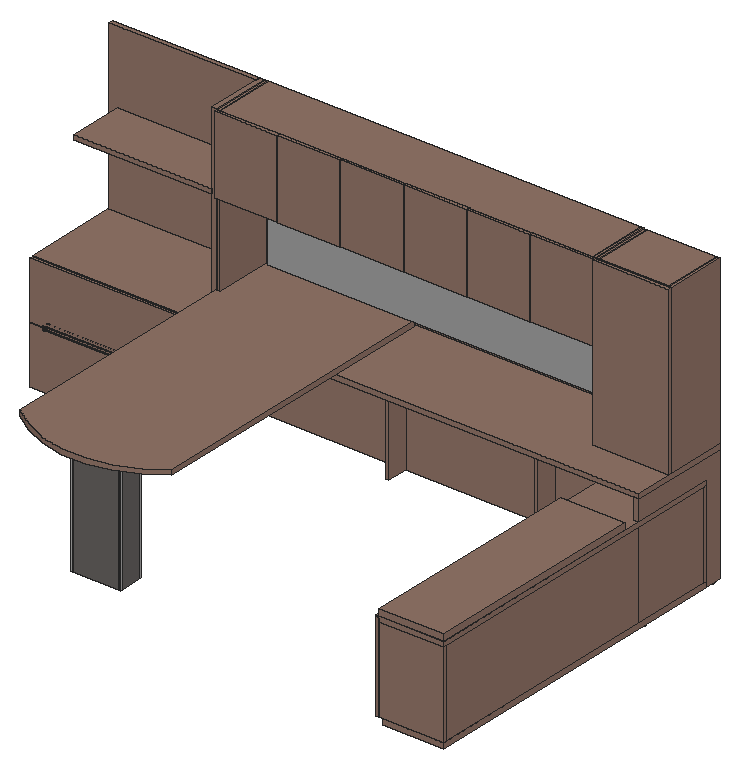
Revit family "OFS TYPICAL T100009", category Furniture, Revit 2022 (continued)
Definition of nested family "OFS SLATE LOW HEIGHT CREDENZA"
  Definition of nested family "OFS_Slate Private Office_Credenza"
    Forms (in)
      Extrusion 1, solid, material <- "Case"
        sketch origin (24.125, -15.25, 47.24409) x (0, -1, 0) y (0, 0, 1)
          loop
            line (-14.5, -25.23159) -> (-14.5, -44.79409) -> (0, -44.79409) -> (0, -25.23159) -> (-14.5, -25.23159)
        from -0.375 to 0.375
      Extrusion 2, solid, material <- "Panel"
        sketch origin (24.125, -15.25, 47.24409) x (0, -1, 0) y (0, 0, 1)
          loop
            line (-14.5, -25.23159) -> (-14.5, -44.79409) -> (0, -44.79409) -> (0, -25.23159) -> (-14.5, -25.23159)
        from -0.375 to 0.375
      Revolve 3, solid, material <- "Glides"
        sketch origin (1.0178, -1.37544, 47.24409) x (-1, 0, 0) y (0, 0, 1)
          loop
            line (-0.3731, -46.79409) -> (-0.3731, -47.24409) -> (-0.1231, -47.24409)
            arc (-0.1231, -47.24409) -> (0.0046, -47.13447) -> (-0.08442, -46.99165) r 0.12918
            line (-0.08442, -46.99165) -> (-0.1231, -46.99165) -> (-0.1231, -46.79409) -> (-0.3731, -46.79409)
          axis (-0.3731, -47.24409) -> (-0.3731, -46.79409)
        angle from 0 to 360
      Revolve 4, solid, material <- "Glides"
        sketch origin (94.9822, -1.37544, 47.24409) x (1, 0, 0) y (0, 0, -1)
          loop
            line (-18.3731, 46.79409) -> (-18.1231, 46.79409) -> (-18.1231, 46.99165) -> (-18.08442, 46.99165)
            arc (-18.08442, 46.99165) -> (-17.9954, 47.13447) -> (-18.1231, 47.24409) r 0.12918
            line (-18.1231, 47.24409) -> (-18.3731, 47.24409) -> (-18.3731, 46.79409)
          axis (-18.3731, 47.24409) -> (-18.3731, 46.79409)
        angle from 0 to 360
      Revolve 5, solid, material <- "Glides"
        sketch origin (1.0178, -12.99956, 47.24409) x (-1, 0, 0) y (0, 0, -1)
          loop
            line (-0.3731, 46.79409) -> (-0.1231, 46.79409) -> (-0.1231, 46.99165) -> (-0.08442, 46.99165)
            arc (-0.08442, 46.99165) -> (0.0046, 47.13447) -> (-0.1231, 47.24409) r 0.12918
            line (-0.1231, 47.24409) -> (-0.3731, 47.24409) -> (-0.3731, 46.79409)
          axis (-0.3731, 47.24409) -> (-0.3731, 46.79409)
        angle from 0 to 360
      Revolve 6, solid, material <- "Glides"
        sketch origin (94.9822, -12.99956, 47.24409) x (1, 0, 0) y (0, 0, 1)
          loop
            line (-18.3731, -46.79409) -> (-18.3731, -47.24409) -> (-18.1231, -47.24409)
            arc (-18.1231, -47.24409) -> (-17.9954, -47.13447) -> (-18.08442, -46.99165) r 0.12918
            line (-18.08442, -46.99165) -> (-18.1231, -46.99165) -> (-18.1231, -46.79409) -> (-18.3731, -46.79409)
          axis (-18.3731, -47.24409) -> (-18.3731, -46.79409)
        angle from 0 to 360
      Extrusion 7, solid, material <- "Top"
        sketch origin (0, 0, 0) x (0, 1, 0) y (0, 0, 1)
          loop
            line (0, 23.2) -> (-15.25, 23.2) -> (-15.25, 22.0125) -> (0, 22.0125) -> (0, 23.2)
        from 0 to 78
      Extrusion 8, solid, material <- "Case"
        sketch origin (0, 0, 0) x (1, 0, 0) y (0, 1, 0)
          loop
            line (0, 0) -> (0, -15.25) -> (0.75, -15.25) -> (0.75, 0) -> (0, 0)
          loop
            line (77.25, 0) -> (77.25, -15.25) -> (78, -15.25) -> (78, 0) -> (77.25, 0)
        from 1.7 to 22.0125
      Extrusion 9, solid, material <- "Case"
        sketch origin (0, 0, 0) x (0, 1, 0) y (0, 0, 1)
          loop
            line (-0.75, 1.7) -> (0, 1.7) -> (0, 22.0125) -> (-0.75, 22.0125) -> (-0.75, 1.7)
        from 0.75 to 77.25
      Extrusion 10, solid, material <- "Shelfs"
        sketch origin (0, 0, 0) x (0, 1, 0) y (0, 0, 1)
          loop
            line (-0.75, 12.60625) -> (-15.25, 12.60625) -> (-15.25, 11.85625) -> (-0.75, 11.85625) -> (-0.75, 12.60625)
        from 0.75 to 23.75
      Extrusion 11, solid, material <- "Case"
        sketch origin (0, 0, 0) x (1, 0, 0) y (0, 1, 0)
          loop
            line (0.75, -0.75) -> (0.75, -2.25) -> (2.25, -2.25) -> (2.25, -0.75) -> (0.75, -0.75)
          loop
            line (0.75, -12.125) -> (0.75, -13.625) -> (2.25, -13.625) -> (2.25, -12.125) -> (0.75, -12.125)
          loop
            line (77.25, -0.75) -> (75.75, -0.75) -> (75.75, -2.25) -> (77.25, -2.25) -> (77.25, -0.75)
          loop
            line (77.25, -12.125) -> (75.75, -12.125) -> (75.75, -13.625) -> (77.25, -13.625) -> (77.25, -12.125)
        from 0.45 to 1.7
      Sweep 12, solid, material <- "Case"
        path origin (0, 0, 0) x (1, 0, 0) y (0, 1, 0)
          loop
            line (0, 0) -> (0, -14.375) -> (78, -14.375) -> (78, 0) -> (0, 0)
        profile origin (39, 0, 0) x (0, 1, 0) y (0, 0, 1)
          loop
            line (0, 1.7) -> (-0.75, 1.7) -> (-0.75, 0.45) -> (0, 0.45) -> (0, 1.7)
      Extrusion 13, solid, material <- "Base"
        sketch origin (0.75, 4.23653, 47.24409) x (0, 1, 0) y (0, 0, 1)
          loop
            line (-4.98653, -44.79409) -> (-19.48653, -44.79409) -> (-19.48653, -45.54409) -> (-4.98653, -45.54409) -> (-4.98653, -44.79409)
        from 0 to 76.5
      Extrusion 14, solid, material <- "Drawers"
        sketch origin (24.125, -15.25, 47.24409) x (0, -1, 0) y (0, 0, 1)
          loop
            line (0.83661, -45.5441) -> (0.83661, -24.10659) -> (0.57662, -24.10659)
            arc (0.57662, -24.10659) -> (0.52878, -24.11611) -> (0.48822, -24.1432) r 0.125
            line (0.48822, -24.1432) -> (0.08661, -24.54482) -> (0.08661, -45.5441) -> (0.83661, -45.5441)
        from -0.0625 to -53.8125
      Extrusion 15, void
        sketch origin (0, -60, 0.45) x (-1, 0, 0) y (0, -1, 0)
          loop
            line (-42.0625, -44.66339) -> (-42.0625, -43.91339) -> (-42.125, -43.91339) -> (-42.125, -44.66339) -> (-42.0625, -44.66339)
          loop
            line (-24, -44.66339) -> (-24, -43.91339) -> (-24.125, -43.91339) -> (-24.125, -44.66339) -> (-24, -44.66339)
          loop
            line (-60, -44.66339) -> (-60, -43.91339) -> (-60.0625, -43.91339) -> (-60.0625, -44.66339) -> (-60, -44.66339)
        from -0.45 to 22.75
    Cuts and joins
      Extrusion 15 cuts Extrusion 14
      joined: Revolve 3, Revolve 4, Revolve 5, Revolve 6
    Lines and regions (in)
      Masking region 1
        outline origin (-55.85979, -60, 23.2) x (-1, 0, 0) y (0, -1, 0)
          loop
            line (-55.85979, -60) -> (-55.85979, -44.75) -> (-133.85979, -44.75) -> (-133.85979, -60) -> (-55.85979, -60)
          loop
            line (-80.04729, -44.66339) -> (-80.04729, -43.91339) -> (-133.79729, -43.91339) -> (-133.79729, -44.66339) -> (-80.04729, -44.66339)
      reference lines, visible <- "Left"
        curve 1: line (0, -19.41048, 0) -> (0, 4.23653, 0)
      reference lines, visible <- "Right"
        curve 2: line (78, -19.41532, 0) -> (78, 3.33468, 0)
    Dimensions and locks (in)
      plane 1 "Center (Front/Back)" to plane 8 to plane 17 to plane 13 to plane 18 to plane 10 to plane 11 to plane 9 to plane 14 to plane 15 = 0' - 0 3/4" locked, 0' - 0.62544" locked, 0' - 5.81206" locked, 0' - 5.81206" locked, 0' - 0.62544" locked, 0' - 0 3/4" locked, 0' - 0 7/8" locked, 0' - 0.08661" locked, 0' - 0 3/4" locked
      "Width": plane 3 "Center (Left/Right)" to plane 7
      plane 3 "Center (Left/Right)" to plane 4 to plane 12 = 0' - 0 3/4" locked, 1' - 11 3/8" locked
      plane 6 to plane 19 to plane 7 = 0' - 0 11/16" locked, 0' - 0 1/16" locked
      equal spacing: plane 3 "Center (Left/Right)", plane 5, plane 7
      "Length": plane 12 to plane 16
      plane 12 to Extrusion 15 sketch curve to Extrusion 15 sketch curve = 1' - 5 15/16" locked, 0' - 0 1/16" locked
      Extrusion 15 sketch curve to Extrusion 15 sketch curve to plane 7 = 0' - 0 1/16" locked, 1' - 5 15/16" locked
      aligned and locked: level to plane 2
      aligned and locked: Extrusion 7 to plane 7
      aligned and locked: Extrusion 8 sketch curve to Extrusion 7  (x6)
      aligned and locked: Extrusion 8 sketch curve to plane 4
      aligned and locked: plane 6 to Extrusion 8 sketch curve
      aligned and locked: Extrusion 9 to plane 4
      aligned and locked: plane 6 to Extrusion 9
      aligned and locked: Sweep 12 sketch curve to Extrusion 7  (x2)
      aligned and locked: plane 7 to Sweep 12 sketch curve
      aligned and locked: plane 6 to Extrusion 13
      aligned and locked: Extrusion 15 to level
      aligned and locked: plane 20 to cut or joined group of Extrusion 14, Extrusion 15
      aligned and locked: Extrusion 14 to plane 19
      aligned and locked: Masking region 1 sketch curve to Extrusion 7  (x4)
      aligned and locked: Masking region 1 sketch curve to cut or joined group of Extrusion 14, Extrusion 15  (x2)
      aligned and locked: Extrusion 10 to plane 4
      aligned and locked: curve 2 to plane 7
    Automatic sketch dimensions
      Extrusion 1 sketch curve to plane 8 = 0' - 0"
      Extrusion 1 sketch curve to plane 9 = 0' - 0"
      level to Extrusion 1 sketch curve = 0' - 2.45"
      Extrusion 1 sketch curve to Extrusion 1 sketch curve = 1' - 7 9/16"
      Extrusion 2 sketch curve to plane 8 = 0' - 0"
      Extrusion 2 sketch curve to plane 9 = 0' - 0"
      level to Extrusion 2 sketch curve = 0' - 2.45"
      Extrusion 2 sketch curve to Extrusion 2 sketch curve = 1' - 7 9/16"
      Revolve 3 sketch curve to level = 0' - 0"
      plane 4 to Revolve 3 sketch curve = 0' - 0.6409"
      Revolve 3 sketch curve to Revolve 3 sketch curve = 0' - 0 1/4"
      Revolve 3 sketch curve to Revolve 3 sketch curve = 0' - 0"  (x3)
      Revolve 3 sketch curve to Revolve 3 sketch curve = 0' - 0.03868"
      level to Revolve 3 sketch curve = 0' - 0.12918"
      Revolve 3 sketch curve to Revolve 3 sketch curve = 0' - 0.19756"
      Revolve 3 sketch curve to Revolve 3 sketch curve = 0' - 0.11444"
      Revolve 4 sketch curve to level = 0' - 0"
      Revolve 4 sketch curve to plane 6 = 0' - 0.6409"
      Revolve 4 sketch curve to Revolve 4 sketch curve = 0' - 0 1/4"
      Revolve 4 sketch curve to Revolve 4 sketch curve = 0' - 0"  (x3)
      Revolve 4 sketch curve to Revolve 4 sketch curve = 0' - 0.03868"
      level to Revolve 4 sketch curve = 0' - 0.12918"
      Revolve 4 sketch curve to Revolve 4 sketch curve = 0' - 0.19756"
      Revolve 4 sketch curve to Revolve 4 sketch curve = 0' - 0.11444"
      Revolve 5 sketch curve to level = 0' - 0"
      plane 4 to Revolve 5 sketch curve = 0' - 0.6409"
      Revolve 5 sketch curve to Revolve 5 sketch curve = 0' - 0 1/4"
      Revolve 5 sketch curve to Revolve 5 sketch curve = 0' - 0"  (x3)
      Revolve 5 sketch curve to Revolve 5 sketch curve = 0' - 0.03868"
      level to Revolve 5 sketch curve = 0' - 0.12918"
      Revolve 5 sketch curve to Revolve 5 sketch curve = 0' - 0.19756"
      Revolve 5 sketch curve to Revolve 5 sketch curve = 0' - 0.11444"
      Revolve 6 sketch curve to level = 0' - 0"
      Revolve 6 sketch curve to plane 6 = 0' - 0.6409"
      Revolve 6 sketch curve to Revolve 6 sketch curve = 0' - 0 1/4"
      Revolve 6 sketch curve to Revolve 6 sketch curve = 0' - 0"  (x3)
      Revolve 6 sketch curve to Revolve 6 sketch curve = 0' - 0.03868"
      level to Revolve 6 sketch curve = 0' - 0.12918"
      Revolve 6 sketch curve to Revolve 6 sketch curve = 0' - 0.19756"
      Revolve 6 sketch curve to Revolve 6 sketch curve = 0' - 0.11444"
      Extrusion 7 sketch curve to plane 9 = 0' - 0"
      Extrusion 7 sketch curve to plane 1 "Center (Front/Back)" = 0' - 0"
      level to Extrusion 7 sketch curve = 1' - 10.0125"
      Extrusion 7 sketch curve to Extrusion 7 sketch curve = 0' - 1 3/16"
      Extrusion 9 sketch curve to plane 8 = 0' - 0"
      Extrusion 9 sketch curve to plane 1 "Center (Front/Back)" = 0' - 0"
      level to Extrusion 9 sketch curve = 0' - 1.7"
      Extrusion 9 sketch curve to Extrusion 9 sketch curve = 1' - 8 5/16"
      Extrusion 10 sketch curve to plane 9 = 0' - 0"
      Extrusion 10 sketch curve to plane 8 = 0' - 0"
      level to Extrusion 10 sketch curve = 0' - 11.85625"
      Extrusion 10 sketch curve to Extrusion 10 sketch curve = 0' - 0 3/4"
      Extrusion 11 sketch curve to plane 4 = 0' - 0"  (x2)
      Extrusion 11 sketch curve to plane 8 = 0' - 0"
      Extrusion 11 sketch curve to plane 10 = 0' - 0"
      plane 10 to Extrusion 11 sketch curve = 0' - 0"
      plane 8 to Extrusion 11 sketch curve = 0' - 0"
      Extrusion 11 sketch curve to plane 6 = 0' - 0"  (x2)
      plane 4 to Extrusion 11 sketch curve = 0' - 1 1/2"
      Extrusion 11 sketch curve to Extrusion 11 sketch curve = 0' - 1 1/2"  (x3)
      plane 18 to Extrusion 11 sketch curve = 0' - 0.87456"  (x2)
      Extrusion 11 sketch curve to plane 17 = 0' - 0.87456"  (x2)
      Sweep 12 sketch curve to profile plane = 0' - 0"
      profile plane to Sweep 12 sketch curve = 0' - 0 3/4"
      level to Sweep 12 sketch curve = 0' - 0.45"
      Sweep 12 sketch curve to Sweep 12 sketch curve = 0' - 1 1/4"
      Extrusion 13 sketch curve to plane 9 = 0' - 0"
      Extrusion 13 sketch curve to plane 8 = 0' - 0"
      level to Extrusion 13 sketch curve = 0' - 1.7"
      Extrusion 13 sketch curve to Extrusion 13 sketch curve = 0' - 0 3/4"
      Extrusion 14 sketch curve to plane 14 = 0' - 0"
      Extrusion 14 sketch curve to plane 15 = 0' - 0"
      Extrusion 14 sketch curve to plane 15 = 0' - 0.26"
      level to Extrusion 14 sketch curve = 0' - 1.7"
      Extrusion 14 sketch curve to Extrusion 14 sketch curve = 0' - 0.08839"
      Extrusion 14 sketch curve to Extrusion 14 sketch curve = 0' - 0.03661"
      Extrusion 14 sketch curve to Extrusion 14 sketch curve = 1' - 8.99928"
      Extrusion 14 sketch curve to Extrusion 14 sketch curve = 0' - 0.31322"
      Extrusion 15 sketch curve to plane 14 = 0' - 0"  (x3)
      plane 15 to Extrusion 15 sketch curve = 0' - 0"  (x3)
      Extrusion 15 sketch curve to plane 16 = 0' - 0"
      Extrusion 15 sketch curve to Extrusion 15 sketch curve = 0' - 0 1/8"
      plane 11 to Sweep 12 sketch curve = 0' - 0"
      plane 15 to Masking region 1 sketch curve = 0' - 0"
      Masking region 1 sketch curve to plane 14 = 0' - 0"
      curve 1 to plane 3 "Center (Left/Right)" = 0' - 0"
      plane 15 to curve 2 = 0' - 3.32871"
      plane 15 to curve 1 = 0' - 3.32387"
      curve 2 to plane 1 "Center (Front/Back)" = 0' - 3.33468"
      curve 1 to plane 1 "Center (Front/Back)" = 0' - 4.23653"
  Definition of nested family "Tag"
    Parameters
      P_Width = 0' - 0"
      Text_Width = "Empty"
      Text_Height = "Empty"
      Text_Diameter = "Empty"
      Text_Depth = "Empty"
      Offset (LR) [instance] = 0' - 0"
      Model Name = "Type Catalog"
      P_Height = 0' - 0"
      Distance of Center (not Change) = 0' - 0.1"
      P_Diameter = 0' - 0"
      P_Depth = 0' - 0"
    Reference planes (in)
      plane 1: y = 0
      plane 2: x = 0
    Lines and regions (in)
      reference lines
        curve 1: line (-0.44359, 0.1, 0) -> (0.41085, 0.1, 0)
        curve 3: line (0, 0.42564, 0) -> (0, -0.30221, 0)
      reference lines, not visible
        curve 2: line (-0.44359, 0.09843, 0) -> (0.41085, 0.09843, 0)
        curve 4: line (0, 0.42407, 0) -> (0, -0.30379, 0)
    Text (in)
      label "Empty" at (0.00197, 0.0921, 0), shows "Model Name"
      label "Empty" at (0.00197, 0.09052, 0), shows "Model Name", not visible
    Dimensions and locks (in)
      "Distance of Center (not Change)": plane 1 to curve 1
      "Offset (LR)": curve 3 to plane 2
    Automatic sketch dimensions
      curve 1 to curve 3 = 0' - 0.44359"
      curve 3 to curve 1 = 0' - 0.41085"
      curve 3 to curve 1 = 0' - 0.40221"
      curve 1 to curve 3 = 0' - 0.32564"
      curve 2 to curve 4 = 0' - 0.44359"
      curve 4 to curve 2 = 0' - 0.41085"
      curve 4 to curve 2 = 0' - 0.40221"
      curve 2 to curve 4 = 0' - 0.32564"
Definition of nested family "OFS SLATE TACKBOARDS"
  Parameters (values of type "Tackboard 102W x 19D")
    Width = 8' - 6"
    URL = "http://www.ofs.com/"
    Model = "CA-10219HFT"
    Manufacturer = "CAROLINA"
    Height = 1' - 7"
    Elevation [instance] = 2' - 6 1/2"
    Description = "OFS SLATE Inside Back Panel, Fabric Tackboard, 98.50W x 19D x 0,5H, Slate Private Office"
    Default Elevation = 0' - 0"
    Copyright © = "© 2019 OFS"
    Catalog = "https://ofs.com/products/tables/conference/slate"
    Board [instance] = none
    Authoring Version = "Autodesk Revit Architecture 2014"
    Assembly Code = "E2020200"
    2 Piece = Width > 8' 0"  # yes
    1 Piece = not([2 Piece])  # no
  Types (18): name | Width | Model | Height | Description | 2 Piece | 1 Piece
    Tackboard 108W x 25D | 9' - 0" | "CA-10825HFT" | 2' - 1" | "OFS SLATE Inside Back Panel, Fabric Tackboard, 104.50W x 25D x 0,5H, Slate Private Office" | yes | no
    Tackboard 102W x 25D | 8' - 6" | "CA-10225HFT" | 2' - 1" | "OFS SLATE Inside Back Panel, Fabric Tackboard, 98.50W x 25D x 0,5H, Slate Private Office" | yes | no
    Tackboard 96W x 25D | 8' - 0" | "CA-9625HFT" | 2' - 1" | "OFS SLATE Inside Back Panel, Fabric Tackboard, 92.50W x 25D x 0,5H, Slate Private Office" | no | yes
    Tackboard 90W x 25D | 7' - 6" | "CA-9025HFT" | 2' - 1" | "OFS SLATE Inside Back Panel, Fabric Tackboard, 86.50W x 25D x 0,5H, Slate Private Office" | no | yes
    Tackboard 84W x 25D | 7' - 0" | "CA-8425HFT" | 2' - 1" | "OFS SLATE Inside Back Panel, Fabric Tackboard, 80.50W x 25D x 0,5H, Slate Private Office" | no | yes
    Tackboard 78W x 25D | 6' - 6" | "CA-7825HFT" | 2' - 1" | "OFS SLATE Inside Back Panel, Fabric Tackboard, 74.50W x 25D x 0,5H, Slate Private Office" | no | yes
    Tackboard 72W x 25D | 6' - 0" | "CA-7225HFT" | 2' - 1" | "OFS SLATE Inside Back Panel, Fabric Tackboard, 68.50W x 25D x 0,5H, Slate Private Office" | no | yes
    Tackboard 66W x 25D | 5' - 6" | "CA-6625HFT" | 2' - 1" | "OFS SLATE Inside Back Panel, Fabric Tackboard, 62.50W x 25D x 0,5H, Slate Private Office" | no | yes
    Tackboard 60W x 25D | 5' - 0" | "CA-6025HFT" | 2' - 1" | "OFS SLATE Inside Back Panel, Fabric Tackboard, 56.50W x 25D x 0,5H, Slate Private Office" | no | yes
    Tackboard 108W x 19D | 9' - 0" | "CA-10819HFT" | 1' - 7" | "OFS SLATE Inside Back Panel, Fabric Tackboard, 104.50W x 19D x 0,5H, Slate Private Office" | yes | no
    Tackboard 102W x 19D | 8' - 6" | "CA-10219HFT" | 1' - 7" | "OFS SLATE Inside Back Panel, Fabric Tackboard, 98.50W x 19D x 0,5H, Slate Private Office" | yes | no
    Tackboard 96W x 19D | 8' - 0" | "CA-9619HFT" | 1' - 7" | "OFS SLATE Inside Back Panel, Fabric Tackboard, 92.50W x 19D x 0,5H, Slate Private Office" | no | yes
    Tackboard 90W x 19D | 7' - 6" | "CA-9019HFT" | 1' - 7" | "OFS SLATE Inside Back Panel, Fabric Tackboard, 86.50W x 19D x 0,5H, Slate Private Office" | no | yes
    Tackboard 84W x 19D | 7' - 0" | "CA-8419HFT" | 1' - 7" | "OFS SLATE Inside Back Panel, Fabric Tackboard, 80.50W x 19D x 0,5H, Slate Private Office" | no | yes
    Tackboard 78W x 19D | 6' - 6" | "CA-7819HFT" | 1' - 7" | "OFS SLATE Inside Back Panel, Fabric Tackboard, 74.50W x 19D x 0,5H, Slate Private Office" | no | yes
    Tackboard 72W x 19D | 6' - 0" | "CA-7219HFT" | 1' - 7" | "OFS SLATE Inside Back Panel, Fabric Tackboard, 68.50W x 19D x 0,5H, Slate Private Office" | no | yes
    Tackboard 66W x 19D | 5' - 6" | "CA-6619HFT" | 1' - 7" | "OFS SLATE Inside Back Panel, Fabric Tackboard, 62.50W x 19D x 0,5H, Slate Private Office" | no | yes
    Tackboard 60W x 19D | 5' - 0" | "CA-6019HFT" | 1' - 7" | "OFS SLATE Inside Back Panel, Fabric Tackboard, 56.50W x 19D x 0,5H, Slate Private Office" | no | yes
  Reference planes (in)
    plane 1 "Center (Front/Back)": y = 0
    plane 2: z = 0
    plane 3 "Center (Left/Right)": x = 0
    plane 4: x = 51
    plane 5: x = 1.8125
    plane 6: x = 100.1875
    plane 7: x = 102
    plane 8: z = 30.5
    plane 9: z = 49.5
  Forms (in)
    Extrusion 1, solid, material <- "Board", visible <- "1 Piece"
      sketch origin (1.8125, -1.1875, 47.24409) x (0, -1, 0) y (0, 0, 1)
        loop
          line (-0.4375, 2.25591) -> (-0.4375, -16.74409) -> (0, -16.74409) -> (0, 2.25591) -> (-0.4375, 2.25591)
      from 0 to -98.375
    Extrusion 2, solid, material <- "Board", visible <- "2 Piece"
      sketch origin (1.8125, -1.1875, 47.24409) x (0, -1, 0) y (0, 0, 1)
        loop
          line (-0.4375, 2.25591) -> (-0.4375, -16.74409) -> (0, -16.74409) -> (0, 2.25591) -> (-0.4375, 2.25591)
      from 0 to -49.1875
    Extrusion 3, solid, material <- "Board", visible <- "2 Piece"
      sketch origin (58.1875, -1.1875, 47.24409) x (0, -1, 0) y (0, 0, -1)
        loop
          line (-0.4375, -2.25591) -> (0, -2.25591) -> (0, 16.74409) -> (-0.4375, 16.74409) -> (-0.4375, -2.25591)
      from 42 to -7.1875
  Lines and regions (in)
    Masking region 1
      outline origin (71.16612, -60, 49.5) x (0, -1, 0) y (1, 0, 0)
        loop
          line (-59.25, -69.35362) -> (-58.8125, -69.35362) -> (-58.8125, 29.02138) -> (-59.25, 29.02138) -> (-59.25, -69.35362)
    symbolic lines, visible <- "2 Piece", detail levels medium+fine
      curve 1: line (51, -1.1875, 49.5) -> (51, -0.75, 49.5)
  Dimensions and locks (in)
    locked: plane 3 "Center (Left/Right)" to plane 5 at 1.8125
    locked: plane 6 to plane 7 at 1.8125
    "Width": plane 3 "Center (Left/Right)" to plane 7
    equal spacing: plane 5, plane 4, plane 6
    "Elevation": plane 8 to level
    "Height": plane 9 to plane 8
    aligned and locked: level to plane 2
    aligned and locked: plane 8 to Extrusion 1 sketch curve
    aligned and locked: plane 9 to Extrusion 1 sketch curve
    aligned and locked: plane 6 to Extrusion 1
    aligned and locked: Extrusion 2 sketch curve to Extrusion 1  (x2)
    aligned and locked: Extrusion 2 to plane 4
    aligned and locked: plane 4 to Extrusion 3
    aligned and locked: plane 6 to Extrusion 3
    aligned and locked: plane 9 to Extrusion 3 sketch curve
    aligned and locked: plane 8 to Extrusion 3 sketch curve
    aligned and locked: nested 1 to Extrusion 3
    aligned and locked: plane 4 to nested 1
    aligned and locked: Masking region 1 sketch curve to Extrusion 1  (x2)
    aligned and locked: plane 4 to curve 1
  Automatic sketch dimensions
    plane 1 "Center (Front/Back)" to Extrusion 1 sketch curve = 0' - 0 3/4"
    Extrusion 1 sketch curve to Extrusion 1 sketch curve = 0' - 0 7/16"
    plane 1 "Center (Front/Back)" to Extrusion 2 sketch curve = 0' - 0 3/4"
    Extrusion 2 sketch curve to Extrusion 2 sketch curve = 0' - 0 7/16"
    plane 1 "Center (Front/Back)" to Extrusion 3 sketch curve = 0' - 0 3/4"
    Extrusion 3 sketch curve to Extrusion 3 sketch curve = 0' - 0 7/16"
    plane 1 "Center (Front/Back)" to Masking region 1 sketch curve = 0' - 0 3/4"
    Masking region 1 sketch curve to Masking region 1 sketch curve = 0' - 0 7/16"
    plane 1 "Center (Front/Back)" to curve 1 = 0' - 0 3/4"
    plane 1 "Center (Front/Back)" to curve 1 = 0' - 1 3/16"
  Nested families (in)
    nested 1: "Tag" at (51, -1.1875, 0), type "Center", detail levels fine
      with Offset (LR) 0' - 0", Distance of Center (not Change) 0' - 0.11"
  Definition of nested family "Tag"
    Parameters
      P_Width = 0' - 0"
      Text_Width = "Empty"
      Text_Height = "Empty"
      Text_Diameter = "Empty"
      Text_Depth = "Empty"
      Offset (LR) [instance] = 0' - 0"
      Model Name = "Type Catalog"
      P_Height = 0' - 0"
      Distance of Center (not Change) = 0' - 0.1"
      P_Diameter = 0' - 0"
      P_Depth = 0' - 0"
    Reference planes (in)
      plane 1: y = 0
      plane 2: x = 0
    Lines and regions (in)
      reference lines
        curve 1: line (-0.44359, 0.1, 0) -> (0.41085, 0.1, 0)
        curve 3: line (0, 0.42564, 0) -> (0, -0.30221, 0)
      reference lines, not visible
        curve 2: line (-0.44359, 0.09843, 0) -> (0.41085, 0.09843, 0)
        curve 4: line (0, 0.42407, 0) -> (0, -0.30379, 0)
    Text (in)
      label "Empty" at (0.00197, 0.0921, 0), shows "Model Name"
      label "Empty" at (0.00197, 0.09052, 0), shows "Model Name", not visible
    Dimensions and locks (in)
      "Distance of Center (not Change)": plane 1 to curve 1
      "Offset (LR)": curve 3 to plane 2
    Automatic sketch dimensions
      curve 1 to curve 3 = 0' - 0.44359"
      curve 3 to curve 1 = 0' - 0.41085"
      curve 3 to curve 1 = 0' - 0.40221"
      curve 1 to curve 3 = 0' - 0.32564"
      curve 2 to curve 4 = 0' - 0.44359"
      curve 4 to curve 2 = 0' - 0.41085"
      curve 4 to curve 2 = 0' - 0.40221"
      curve 2 to curve 4 = 0' - 0.32564"
Definition of nested family "OFS SLATE HIGHBACK ORGANIZER"
  Parameters (values of type "Highback Organizer 4 Doors 60W x 40H - 1 High")
    Show Doors [instance] = yes
    Width = 5' - 0"
    URL = "http://www.ofs.com/"
    Top [instance] = none
    Default Elevation = 0' - 0"
    Base Panel [instance] = none
    Panel [instance] = none
    Model = "CA-6040HD19"
    Manufacturer = "CAROLINA"
    Length 2 = if(Width > 7' 0", Length 1, Width / 2)  # 2' - 6"
    Length 1 = if(Width > 7' 0", (Width / 3) / 2, 0' 0")  # 0' - 0"
    High = 1
    Height 1 = if(and(High = 1, Height = 3' 4"), 1' 7", if(and(High = 1.5, Height = 4' 4"), 2' 1", if(and(High = 2, Height = 4' 4"), 2' 7", 2' 1")))  # 1' - 7"
    Height = 3' - 4"
    Elevation [instance] = 2' - 5 1/4"
    Doors [instance] = none
    Description = "OFS SLATE Highback Organizer 4 Doors, 60W x 15D x 39.5H, Slate Private Office"
    Copyright © = "© 2019 OFS"
    Center Doors [instance] = and(Show Doors, Width > 7' 0")  # no
    Catalog = "https://ofs.com/products/tables/conference/slate"
    Base [instance] = none
    Back [instance] = none
    Authoring Version = "Autodesk Revit Architecture 2014"
    Assembly Code = "E2020200"
  Types (27): name | Width | Model | Length 2 | Length 1 | High | Height 1 | Height | Description | Center Doors
    Highback Organizer 6 Doors 108W x 52H - 2 High | 9' - 0" | "CA-10852HD31" | 1' - 6" | 1' - 6" | 2 | 2' - 7" | 4' - 4" | "OFS SLATE Highback Organizer 6 Doors, 108W x 15D x 51.5H, Slate Private Office" | yes
    Highback Organizer 6 Doors 102W x 52H - 2 High | 8' - 6" | "CA-10252HD31" | 1' - 5" | 1' - 5" | 2 | 2' - 7" | 4' - 4" | "OFS SLATE Highback Organizer 6 Doors, 102W x 15D x 51.5H, Slate Private Office" | yes
    Highback Organizer 6 Doors 96W x 52H - 2 High | 8' - 0" | "CA-9652HD31" | 1' - 4" | 1' - 4" | 2 | 2' - 7" | 4' - 4" | "OFS SLATE Highback Organizer 6 Doors, 96W x 15D x 51.5H, Slate Private Office" | yes
    Highback Organizer 6 Doors 90W x 52H - 2 High | 7' - 6" | "CA-9052HD31" | 1' - 3" | 1' - 3" | 2 | 2' - 7" | 4' - 4" | "OFS SLATE Highback Organizer 6 Doors, 90W x 15D x 51.5H, Slate Private Office" | yes
    Highback Organizer 4 Doors 84W x 52H - 2 High | 7' - 0" | "CA-8452HD31" | 3' - 6" | 0' - 0" | 2 | 2' - 7" | 4' - 4" | "OFS SLATE Highback Organizer 4 Doors, 84W x 15D x 51.5H, Slate Private Office" | no
    Highback Organizer 4 Doors 78W x 52H - 2 High | 6' - 6" | "CA-7852HD31" | 3' - 3" | 0' - 0" | 2 | 2' - 7" | 4' - 4" | "OFS SLATE Highback Organizer 4 Doors, 78W x 15D x 51.5H, Slate Private Office" | no
    Highback Organizer 4 Doors 72W x 52H - 2 High | 6' - 0" | "CA-7252HD31" | 3' - 0" | 0' - 0" | 2 | 2' - 7" | 4' - 4" | "OFS SLATE Highback Organizer 4 Doors, 72W x 15D x 51.5H, Slate Private Office" | no
    Highback Organizer 4 Doors 66W x 52H - 2 High | 5' - 6" | "CA-6652HD31" | 2' - 9" | 0' - 0" | 2 | 2' - 7" | 4' - 4" | "OFS SLATE Highback Organizer 4 Doors, 66W x 15D x 51.5H, Slate Private Office" | no
    Highback Organizer 4 Doors 60W x 52H - 2 High | 5' - 0" | "CA-6052HD31" | 2' - 6" | 0' - 0" | 2 | 2' - 7" | 4' - 4" | "OFS SLATE Highback Organizer 4 Doors, 60W x 15D x 51.5H, Slate Private Office" | no
    Highback Organizer 6 Doors 108W x 52H - 1.5 High | 9' - 0" | "CA-10852HD25" | 1' - 6" | 1' - 6" | 1.5 | 2' - 1" | 4' - 4" | "OFS SLATE Highback Organizer 6 Doors, 108W x 15D x 51.5H, Slate Private Office" | yes
    Highback Organizer 6 Doors 102W x 52H - 1.5 High | 8' - 6" | "CA-10252HD25" | 1' - 5" | 1' - 5" | 1.5 | 2' - 1" | 4' - 4" | "OFS SLATE Highback Organizer 6 Doors, 102W x 15D x 51.5H, Slate Private Office" | yes
    Highback Organizer 6 Doors 96W x 52H - 1.5 High | 8' - 0" | "CA-9652HD25" | 1' - 4" | 1' - 4" | 1.5 | 2' - 1" | 4' - 4" | "OFS SLATE Highback Organizer 6 Doors, 96W x 15D x 51.5H, Slate Private Office" | yes
    Highback Organizer 6 Doors 90W x 52H - 1.5 High | 7' - 6" | "CA-9052HD25" | 1' - 3" | 1' - 3" | 1.5 | 2' - 1" | 4' - 4" | "OFS SLATE Highback Organizer 6 Doors, 90W x 15D x 51.5H, Slate Private Office" | yes
    Highback Organizer 4 Doors 84W x 52H - 1.5 High | 7' - 0" | "CA-8452HD25" | 3' - 6" | 0' - 0" | 1.5 | 2' - 1" | 4' - 4" | "OFS SLATE Highback Organizer 4 Doors, 84W x 15D x 51.5H, Slate Private Office" | no
    Highback Organizer 4 Doors 78W x 52H - 1.5 High | 6' - 6" | "CA-7852HD25" | 3' - 3" | 0' - 0" | 1.5 | 2' - 1" | 4' - 4" | "OFS SLATE Highback Organizer 4 Doors, 78W x 15D x 51.5H, Slate Private Office" | no
    Highback Organizer 4 Doors 72W x 52H - 1.5 High | 6' - 0" | "CA-7252HD25" | 3' - 0" | 0' - 0" | 1.5 | 2' - 1" | 4' - 4" | "OFS SLATE Highback Organizer 4 Doors, 72W x 15D x 51.5H, Slate Private Office" | no
    Highback Organizer 4 Doors 66W x 52H - 1.5 High | 5' - 6" | "CA-6652HD25" | 2' - 9" | 0' - 0" | 1.5 | 2' - 1" | 4' - 4" | "OFS SLATE Highback Organizer 4 Doors, 66W x 15D x 51.5H, Slate Private Office" | no
    Highback Organizer 4 Doors 60W x 52H - 1.5 High | 5' - 0" | "CA-6052HD25" | 2' - 6" | 0' - 0" | 1.5 | 2' - 1" | 4' - 4" | "OFS SLATE Highback Organizer 4 Doors, 60W x 15D x 51.5H, Slate Private Office" | no
    Highback Organizer 6 Doors 108W x 40H - 1 High | 9' - 0" | "CA-10840HD19" | 1' - 6" | 1' - 6" | 1 | 1' - 7" | 3' - 4" | "OFS SLATE Highback Organizer 6 Doors, 108W x 15D x 39.5H, Slate Private Office" | yes
    Highback Organizer 6 Doors 102W x 40H - 1 High | 8' - 6" | "CA-10240HD19" | 1' - 5" | 1' - 5" | 1 | 1' - 7" | 3' - 4" | "OFS SLATE Highback Organizer 6 Doors, 102W x 15D x 39.5H, Slate Private Office" | yes
    Highback Organizer 6 Doors 96W x 40H - 1 High | 8' - 0" | "CA-9640HD19" | 1' - 4" | 1' - 4" | 1 | 1' - 7" | 3' - 4" | "OFS SLATE Highback Organizer 6 Doors, 96W x 15D x 39.5H, Slate Private Office" | yes
    Highback Organizer 6 Doors 90W x 40H - 1 High | 7' - 6" | "CA-9040HD19" | 1' - 3" | 1' - 3" | 1 | 1' - 7" | 3' - 4" | "OFS SLATE Highback Organizer 6 Doors, 90W x 15D x 39.5H, Slate Private Office" | yes
    Highback Organizer 4 Doors 84W x 40H - 1 High | 7' - 0" | "CA-8440HD19" | 3' - 6" | 0' - 0" | 1 | 1' - 7" | 3' - 4" | "OFS SLATE Highback Organizer 4 Doors, 84W x 15D x 39.5H, Slate Private Office" | no
    Highback Organizer 4 Doors 78W x 40H - 1 High | 6' - 6" | "CA-7840HD19" | 3' - 3" | 0' - 0" | 1 | 1' - 7" | 3' - 4" | "OFS SLATE Highback Organizer 4 Doors, 78W x 15D x 39.5H, Slate Private Office" | no
    Highback Organizer 4 Doors 72W x 40H - 1 High | 6' - 0" | "CA-7240HD19" | 3' - 0" | 0' - 0" | 1 | 1' - 7" | 3' - 4" | "OFS SLATE Highback Organizer 4 Doors, 72W x 15D x 39.5H, Slate Private Office" | no
    Highback Organizer 4 Doors 66W x 40H - 1 High | 5' - 6" | "CA-6640HD19" | 2' - 9" | 0' - 0" | 1 | 1' - 7" | 3' - 4" | "OFS SLATE Highback Organizer 4 Doors, 66W x 15D x 39.5H, Slate Private Office" | no
    Highback Organizer 4 Doors 60W x 40H - 1 High | 5' - 0" | "CA-6040HD19" | 2' - 6" | 0' - 0" | 1 | 1' - 7" | 3' - 4" | "OFS SLATE Highback Organizer 4 Doors, 60W x 15D x 39.5H, Slate Private Office" | no
  Reference planes (in)
    plane 1 "Center (Front/Back)": y = 0
    plane 2: z = 0
    plane 3 "Center (Left/Right)": x = 0
    plane 4: x = 60
    plane 5: y = -14.25
    plane 6: x = 30
    plane 7: z = 29.25
    plane 8: z = 68.75
    plane 9: z = 68
    plane 10: z = 51.4375
    plane 11: z = 50.25
    plane 12: z = 29.75
    plane 13: z = 69.25
    plane 14: x = 30
    plane 15: x = 30
    plane 16: x = 15
    plane 17: x = 45
  Forms (in)
    Extrusion 1, solid, material <- "Panel"
      sketch origin (30, -0.75, 47.24409) x (0, 1, 0) y (0, 0, 1)
        loop
          line (0, 20.7559) -> (-13.5, 20.7559) -> (-13.5, 4.19341) -> (0, 4.19341) -> (0, 20.7559)
      from -0.375 to 0.375
    Extrusion 2, solid, material <- "Panel"
      sketch origin (30, -0.75, 47.24409) x (0, 1, 0) y (0, 0, -1)
        loop
          line (0, -20.7559) -> (0, -4.19341) -> (-13.5, -4.19341) -> (-13.5, -20.7559) -> (0, -20.7559)
      from -0.375 to 0.375
    Extrusion 3, solid, material <- "Panel"
      sketch origin (0, 0, 0) x (1, 0, 0) y (0, 0, 1)
        loop
          line (0, 68.75) -> (0, 29.25) -> (0.75, 29.25) -> (0.75, 68.75) -> (0, 68.75)
        loop
          line (60, 68.75) -> (59.25, 68.75) -> (59.25, 29.25) -> (60, 29.25) -> (60, 68.75)
      from 0 to 14.25
    Extrusion 4, solid, material <- "Back"
      sketch origin (0.75, 0, 68.75) x (0, 0, -1) y (0, 1, 0)
        loop
          line (0.75, 0) -> (0.75, -0.75) -> (39, -0.75) -> (39, 0) -> (0.75, 0)
      from 0 to 58.5
    Extrusion 5, solid, material <- "Base Panel"
      sketch origin (0.75, 0, 68.75) x (0, 0, -1) y (0, 1, 0)
        loop
          line (17.3125, -0.75) -> (17.3125, -14.25) -> (18.5, -14.25) -> (18.5, -0.75) -> (17.3125, -0.75)
      from 0 to 58.5
    Extrusion 6, solid, material <- "Top"
      sketch origin (0.75, 0, 68.75) x (0, 0, -1) y (0, 1, 0)
        loop
          line (0, 0) -> (0, -14.25) -> (0.75, -14.25) -> (0.75, 0) -> (0, 0)
      from 0 to 58.5
    Extrusion 7, solid, material <- "Doors", visible <- "Show Doors"
      sketch origin (-3.76383, -14.25, 47.24409) x (-1, 0, 0) y (0, 0, 1)
        loop
          line (-3.88883, 21.5059) -> (-18.69883, 21.5059) -> (-18.69883, 3.00591) -> (-3.88883, 3.00591) -> (-3.88883, 21.5059)
        loop
          line (-63.63883, 21.5059) -> (-63.63883, 3.00591) -> (-48.82883, 3.00591) -> (-48.82883, 21.5059) -> (-63.63883, 21.5059)
      from 0 to -0.74845
    Extrusion 8, solid, material <- "Doors", visible <- "Show Doors"
      sketch origin (-3.76383, -14.25, 47.24409) x (-1, 0, 0) y (0, 0, 1)
        loop
          line (-33.63883, 21.5059) -> (-33.63883, 3.00591) -> (-18.82883, 3.00591) -> (-18.82883, 21.5059) -> (-33.63883, 21.5059)
        loop
          line (-33.88883, 21.5059) -> (-48.69883, 21.5059) -> (-48.69883, 3.00591) -> (-33.88883, 3.00591) -> (-33.88883, 21.5059)
      from 0 to -0.74845
    Extrusion 9, solid, material <- "Doors", visible <- "Center Doors"
      sketch origin (-3.76383, -14.25, 47.24409) x (-1, 0, 0) y (0, 0, 1)
        loop
          line (-33.69883, 21.5059) -> (-33.69883, 3.00591) -> (-3.76383, 3.00591) -> (-3.76383, 21.5059) -> (-33.69883, 21.5059)
        loop
          line (-33.82883, 21.5059) -> (-63.76383, 21.5059) -> (-63.76383, 3.00591) -> (-33.82883, 3.00591) -> (-33.82883, 21.5059)
      from 0 to -0.74845
  Lines and regions (in)
    Masking region 1
      outline origin (69.63251, -60, 68.75) x (0, -1, 0) y (1, 0, 0)
        loop
          line (-60, -69.63251) -> (-45.75, -69.63251) -> (-45.75, -9.63251) -> (-60, -9.63251) -> (-60, -69.63251)
  Dimensions and locks (in)
    "Width": plane 3 "Center (Left/Right)" to plane 4
    equal spacing: plane 3 "Center (Left/Right)", plane 6, plane 4
    plane 1 "Center (Front/Back)" to plane 5 = 1' - 2 1/4"
    "Height": plane 13 to plane 7
    plane 13 to plane 8 to plane 9 = 0' - 0 1/2" locked, 0' - 0 3/4" locked
    locked: plane 10 to plane 11 at 1.1875
    locked: plane 12 to plane 7 at 0.5
    "Height 1": plane 13 to plane 11
    "Length 1": plane 14 to plane 6
    "Elevation": plane 7 to level
    "Length 1": plane 15 to plane 6
    locked: Extrusion 3 sketch curve to plane 3 "Center (Left/Right)" at 0.75
    locked: plane 4 to Extrusion 3 sketch curve at 0.75
    locked: Extrusion 7 sketch curve to plane 3 "Center (Left/Right)" at 0.125
    locked: Extrusion 7 sketch curve to plane 16 at 0.065
    locked: Extrusion 7 sketch curve to plane 17 at 0.065
    locked: plane 4 to Extrusion 7 sketch curve at 0.125
    equal spacing: plane 3 "Center (Left/Right)", plane 16, plane 14
    equal spacing: plane 15, plane 17, plane 4
    locked: plane 16 to Extrusion 8 sketch curve at 0.065
    locked: plane 14 to Extrusion 8 sketch curve at 0.125
    locked: plane 15 to Extrusion 8 sketch curve at 0.125
    locked: plane 17 to Extrusion 8 sketch curve at 0.065
    Extrusion 9 sketch curve to plane 6 to Extrusion 9 sketch curve = 0' - 0.065" locked, 0' - 0.065" locked
    "Length 2": Extrusion 9 sketch curve to plane 6
    "Length 2": plane 6 to Extrusion 9 sketch curve
    aligned and locked: level to plane 2
    aligned and locked: plane 6 to nested 1
    aligned and locked: nested 1 to plane 5
    aligned and locked: plane 5 to Extrusion 1 sketch curve
    aligned and locked: Extrusion 1 sketch curve to plane 10
    aligned and locked: Extrusion 1 sketch curve to plane 9
    aligned and locked: Extrusion 2 sketch curve to plane 9
    aligned and locked: Extrusion 2 sketch curve to plane 10
    aligned and locked: plane 5 to Extrusion 2 sketch curve
    aligned and locked: plane 3 "Center (Left/Right)" to Extrusion 3 sketch curve
    aligned and locked: plane 8 to Extrusion 3 sketch curve
    aligned and locked: plane 7 to Extrusion 3 sketch curve
    aligned and locked: Extrusion 3 sketch curve to plane 7
    aligned and locked: plane 4 to Extrusion 3 sketch curve
    aligned and locked: Extrusion 3 sketch curve to plane 8
    aligned and locked: Extrusion 3 to plane 5
    aligned and locked: Extrusion 4 sketch curve to plane 12
    aligned and locked: Extrusion 4 sketch curve to plane 9
    aligned and locked: Extrusion 4 to Extrusion 3
    aligned and locked: plane 10 to Extrusion 5 sketch curve
    aligned and locked: plane 11 to Extrusion 5 sketch curve
    aligned and locked: Extrusion 5 to Extrusion 3
    aligned and locked: plane 9 to Extrusion 6 sketch curve
    aligned and locked: plane 8 to Extrusion 6 sketch curve
    aligned and locked: Extrusion 6 to Extrusion 3
    aligned and locked: Masking region 1 sketch curve to Extrusion 3  (x4)
    aligned and locked: plane 11 to Extrusion 7 sketch curve
    aligned and locked: plane 8 to Extrusion 7 sketch curve
    aligned and locked: Extrusion 7 sketch curve to plane 11
    aligned and locked: Extrusion 7 sketch curve to plane 8
    aligned and locked: plane 8 to Extrusion 8 sketch curve
    aligned and locked: plane 11 to Extrusion 8 sketch curve
    aligned and locked: Extrusion 8 sketch curve to plane 11
    aligned and locked: Extrusion 8 sketch curve to plane 8
    aligned and locked: plane 8 to Extrusion 9 sketch curve
    aligned and locked: Extrusion 9 sketch curve to plane 8
    aligned and locked: plane 11 to Extrusion 9 sketch curve
    aligned and locked: Extrusion 9 sketch curve to plane 11
  Automatic sketch dimensions
    plane 1 "Center (Front/Back)" to Extrusion 1 sketch curve = 0' - 0 3/4"
    Extrusion 2 sketch curve to plane 1 "Center (Front/Back)" = 0' - 0 3/4"
    Extrusion 4 sketch curve to Extrusion 3 = 0' - 0"
    Extrusion 3 to Extrusion 4 sketch curve = 0' - 0 3/4"
    Extrusion 5 sketch curve to Extrusion 3 = 0' - 0"
    Extrusion 3 to Extrusion 5 sketch curve = 0' - 0 3/4"
    Extrusion 6 sketch curve to Extrusion 3 = 0' - 0"  (x2)
  Nested families (in)
    nested 1: "Tag" at (30, -14.25, 0), type "Center", detail levels fine
      with Offset (LR) 0' - 0"
  Definition of nested family "Tag"
    Parameters
      P_Width = 0' - 0"
      Text_Width = "Empty"
      Text_Height = "Empty"
      Text_Diameter = "Empty"
      Text_Depth = "Empty"
      Offset (LR) [instance] = 0' - 0"
      Model Name = "Type Catalog"
      P_Height = 0' - 0"
      Distance of Center (not Change) = 0' - 0.1"
      P_Diameter = 0' - 0"
      P_Depth = 0' - 0"
    Reference planes (in)
      plane 1: y = 0
      plane 2: x = 0
    Lines and regions (in)
      reference lines
        curve 1: line (-0.44359, 0.1, 0) -> (0.41085, 0.1, 0)
        curve 3: line (0, 0.42564, 0) -> (0, -0.30221, 0)
      reference lines, not visible
        curve 2: line (-0.44359, 0.09843, 0) -> (0.41085, 0.09843, 0)
        curve 4: line (0, 0.42407, 0) -> (0, -0.30379, 0)
    Text (in)
      label "Empty" at (0.00197, 0.0921, 0), shows "Model Name"
      label "Empty" at (0.00197, 0.09052, 0), shows "Model Name", not visible
    Dimensions and locks (in)
      "Distance of Center (not Change)": plane 1 to curve 1
      "Offset (LR)": curve 3 to plane 2
    Automatic sketch dimensions
      curve 1 to curve 3 = 0' - 0.44359"
      curve 3 to curve 1 = 0' - 0.41085"
      curve 3 to curve 1 = 0' - 0.40221"
      curve 1 to curve 3 = 0' - 0.32564"
      curve 2 to curve 4 = 0' - 0.44359"
      curve 4 to curve 2 = 0' - 0.41085"
      curve 4 to curve 2 = 0' - 0.40221"
      curve 2 to curve 4 = 0' - 0.32564"
Definition of nested family "OFS SLATE OVERLAY RUNOFF DESK POST"
  Parameters (values of type "Overlay Runoff Desk with Post Base 84W x 36D - Rectangular Top")
    Worksurface [instance] = none
    Width = 7' - 0"
    URL = "http://www.ofs.com/"
    Top Type = 1
    Rectangular Top = Top Type = 1  # yes
    Default Elevation = 0' - 0"
    Arc End Top = Top Type = 2  # no
    Description = "OFS CAROLINA SLATE Overlay Runoff Desk Height Top Post Base 84W x 36D"
    Model = "CA-A8436WB"
    Manufacturer = "CAROLINA"
    Depth = 3' - 0"
    Copyright © = "© 2019 OFS"
    Column Edge [instance] = none
    Column [instance] = none
    Catalog = "https://ofs.com/products/tables/conference/slate"
    Authoring Version = "Autodesk Revit Architecture 2014"
    Assembly Code = "E2020200"
  Types (12): name | Width | Top Type | Rectangular Top | Arc End Top | Description | Model | Depth
    Overlay Runoff Desk with Post Base 84W x 36D - Arc End Top | 7' - 0" | 2 | no | yes | "OFS CAROLINA SLATE Overlay Runoff Desk Height Top Post Base 84W x 36D" | "CA-A8436WAB" | 3' - 0"
    Overlay Runoff Desk with Post Base 78W x 36D - Arc End Top | 6' - 6" | 2 | no | yes | "OFS CAROLINA SLATE Overlay Runoff Desk Height Top Post Base 78W x 36D" | "CA-A7836WAB" | 3' - 0"
    Overlay Runoff Desk with Post Base 72W x 36D - Arc End Top | 6' - 0" | 2 | no | yes | "OFS CAROLINA SLATE Overlay Runoff Desk Height Top Post Base 72W x 36D" | "CA-A7236WAB" | 3' - 0"
    Overlay Runoff Desk with Post Base 72W x 30D - Arc End Top | 6' - 0" | 2 | no | yes | "OFS CAROLINA SLATE Overlay Runoff Desk Height Top Post Base 72W x 30D" | "CA-A7230WAB" | 2' - 6"
    Overlay Runoff Desk with Post Base 66W x 30D - Arc End Top | 5' - 6" | 2 | no | yes | "OFS CAROLINA SLATE Overlay Runoff Desk Height Top Post Base 66W x 30D" | "CA-A6630WAB" | 2' - 6"
    Overlay Runoff Desk with Post Base 60W x 30D - Arc End Top | 5' - 0" | 2 | no | yes | "OFS CAROLINA SLATE Overlay Runoff Desk Height Top Post Base 60W x 30D" | "CA-A6030WAB" | 2' - 6"
    Overlay Runoff Desk with Post Base 84W x 36D - Rectangular Top | 7' - 0" | 1 | yes | no | "OFS CAROLINA SLATE Overlay Runoff Desk Height Top Post Base 84W x 36D" | "CA-A8436WB" | 3' - 0"
    Overlay Runoff Desk with Post Base 78W x 36D - Rectangular Top | 6' - 6" | 1 | yes | no | "OFS CAROLINA SLATE Overlay Runoff Desk Height Top Post Base 78W x 36D" | "CA-A7836WB" | 3' - 0"
    Overlay Runoff Desk with Post Base 72W x 36D - Rectangular Top | 6' - 0" | 1 | yes | no | "OFS CAROLINA SLATE Overlay Runoff Desk Height Top Post Base 72W x 36D" | "CA-A7236WB" | 3' - 0"
    Overlay Runoff Desk with Post Base 72W x 30D - Rectangular Top | 6' - 0" | 1 | yes | no | "OFS CAROLINA SLATE Overlay Runoff Desk Height Top Post Base 72W x 30D" | "CA-A7230WB" | 2' - 6"
    Overlay Runoff Desk with Post Base 66W x 30D - Rectangular Top | 5' - 6" | 1 | yes | no | "OFS CAROLINA SLATE Overlay Runoff Desk Height Top Post Base 66W x 30D" | "CA-A6630WB" | 2' - 6"
    Overlay Runoff Desk with Post Base 60W x 30D - Rectangular Top | 5' - 0" | 1 | yes | no | "OFS CAROLINA SLATE Overlay Runoff Desk Height Top Post Base 60W x 30D" | "CA-A6030WB" | 2' - 6"
  Reference planes (in)
    plane 1 "Center (Front/Back)": y = 0
    plane 2: z = 0
    plane 3 "Center (Left/Right)": x = 0
    plane 4 "rrr": through (-2.45771, -5.50063, 16.56517) normal (0.0223, 0.0194, 0.9996)
    plane 5: y = -36
    plane 6: x = 84
    plane 7: x = 42
    plane 8: y = -18
    plane 9: z = 30.3875
  Forms (in)
    Extrusion 1, solid, material <- "Worksurface", visible <- "Rectangular Top"
      sketch origin (0, 0, 0) x (0, 1, 0) y (0, 0, 1)
        loop
          line (0, 30.3875) -> (-36, 30.3875) -> (-36, 29.2) -> (0, 29.2) -> (0, 30.3875)
      from 0 to 84
    Extrusion 2, solid, material <- "Worksurface", visible <- "Arc End Top"
      sketch origin (84, -60, 30.3875) x (0, -1, 0) y (-1, 0, 0)
        loop
          line (-60, 84) -> (-60, 6.09543)
          arc (-60, 6.09543) -> (-42, 0) -> (-24, 6.09543) r 29.62499
          line (-24, 6.09543) -> (-24, 84) -> (-60, 84)
      from 0 to 1.1875
    Extrusion 3, solid, material <- "Column"
      sketch origin (0, 0, 0) x (1, 0, 0) y (0, 1, 0)
        loop
          line (72.53125, -12) -> (72.53125, -12.53125) -> (72, -12.53125) -> (72, -23.46875) -> (72.53125, -23.46875) -> (72.53125, -24) -> (77.46875, -24) -> (77.46875, -23.46875) -> (78, -23.46875) -> (78, -12.53125) -> (77.46875, -12.53125) -> (77.46875, -12) -> (72.53125, -12)
      from 0.45 to 29.2
    Extrusion 4, solid, material <- "Column Edge"
      sketch origin (0, 0, 0) x (1, 0, 0) y (0, 1, 0)
        loop
          line (72.53125, -12.0175) -> (72.0175, -12.0175) -> (72.0175, -12.53125) -> (72.53125, -12.53125) -> (72.53125, -12.0175)
        loop
          line (77.46875, -12.0175) -> (77.46875, -12.53125) -> (77.9825, -12.53125) -> (77.9825, -12.0175) -> (77.46875, -12.0175)
        loop
          line (72.53125, -23.9825) -> (72.53125, -23.46875) -> (72.0175, -23.46875) -> (72.0175, -23.9825) -> (72.53125, -23.9825)
        loop
          line (77.46875, -23.9825) -> (77.9825, -23.9825) -> (77.9825, -23.46875) -> (77.46875, -23.46875) -> (77.46875, -23.9825)
      from 0.45 to 29.2
  Lines and regions (in)
    Masking region 1, visible <- "Arc End Top"
      outline origin (0, 0, 0) x (1, 0, 0) y (0, 1, 0)
        loop
          line (0, 0) -> (0, -36) -> (77.90457, -36)
          arc (77.90457, -36) -> (84, -18) -> (77.90457, 0) r 29.62499
          line (77.90457, 0) -> (0, 0)
    Masking region 2, visible <- "Rectangular Top"
      outline origin (0, 0, 0) x (1, 0, 0) y (0, 1, 0)
        loop
          line (0, 0) -> (0, -36) -> (84, -36) -> (84, 0) -> (0, 0)
  Dimensions and locks (in)
    "Width": plane 3 "Center (Left/Right)" to plane 6
    equal spacing: plane 3 "Center (Left/Right)", plane 7, plane 6
    "Depth": plane 5 to plane 1 "Center (Front/Back)"
    equal spacing: plane 1 "Center (Front/Back)", plane 8, plane 5
    aligned and locked: level to plane 2
    aligned and locked: Extrusion 1 sketch curve to plane 5
    aligned and locked: plane 1 "Center (Front/Back)" to Extrusion 1 sketch curve
    aligned and locked: plane 9 to Extrusion 1 sketch curve
    aligned and locked: Extrusion 1 to plane 3 "Center (Left/Right)"
    aligned and locked: Extrusion 1 to plane 6
    aligned and locked: plane 1 "Center (Front/Back)" to Extrusion 2 sketch curve
    aligned and locked: plane 3 "Center (Left/Right)" to Extrusion 2 sketch curve
    aligned and locked: Extrusion 2 sketch curve to plane 5
    aligned and locked: Extrusion 2 to plane 9
    aligned and locked: Extrusion 2 to Extrusion 1
    aligned and locked: Extrusion 3 to Extrusion 2
    aligned and locked: Extrusion 3 to Extrusion 4 sketch curve  (x2)
    aligned and locked: Extrusion 4 sketch curve to Extrusion 3  (x2)
    aligned and locked: plane 7 to nested 1
    aligned and locked: nested 1 to plane 5
    aligned and locked: Masking region 1 sketch curve to plane 3 "Center (Left/Right)"
    aligned and locked: Masking region 1 sketch curve to Extrusion 2  (x3)
    aligned and locked: plane 3 "Center (Left/Right)" to Masking region 2 sketch curve
    aligned and locked: plane 1 "Center (Front/Back)" to Masking region 2 sketch curve
    aligned and locked: Masking region 2 sketch curve to plane 5
    aligned and locked: Masking region 2 sketch curve to Extrusion 1
  Automatic sketch dimensions
    plane 9 to Extrusion 1 sketch curve = 0' - 1 3/16"
    Extrusion 2 sketch curve to plane 8 = 0' - 0"
    Extrusion 2 sketch curve to plane 7 = 1' - 0 3/8"
    plane 6 to Extrusion 2 sketch curve = 0' - 6.09543"
    plane 8 to Extrusion 3 sketch curve = 0' - 5 15/32"
    plane 6 to Extrusion 3 sketch curve = 1' - 0"
    Extrusion 3 sketch curve to Extrusion 3 sketch curve = 0' - 0 17/32"  (x5)
    Extrusion 3 sketch curve to Extrusion 3 sketch curve = 0' - 4 15/16"  (x2)
    Extrusion 3 sketch curve to Extrusion 3 sketch curve = 0' - 0"  (x2)
    Extrusion 3 sketch curve to plane 8 = 0' - 5 15/32"
    Extrusion 4 sketch curve to Extrusion 4 sketch curve = 0' - 0.51375"  (x9)
    Extrusion 4 sketch curve to Extrusion 4 sketch curve = 0' - 4 15/16"
    Extrusion 4 sketch curve to plane 8 = 0' - 5 15/32"
    Extrusion 4 sketch curve to Extrusion 4 sketch curve = 0' - 0"
  Nested families (in)
    nested 1: "Tag" at (42, -36, 0) x (-1, 0, 0) z (0, 0, 1), type "Center", detail levels fine
      with Offset (LR) 0' - 0", Distance of Center (not Change) 0' - 0.11"
  Definition of nested family "Tag"
    Parameters
      P_Width = 0' - 0"
      Text_Width = "Empty"
      Text_Height = "Empty"
      Text_Diameter = "Empty"
      Text_Depth = "Empty"
      Offset (LR) [instance] = 0' - 0"
      Model Name = "EK-7168-E"
      P_Height = 0' - 0"
      Distance of Center (not Change) = 0' - 0"
      P_Diameter = 0' - 0"
      P_Depth = 0' - 0"
    Reference planes (in)
      plane 1: y = 0
      plane 2: x = 0
    Lines and regions (in)
      reference lines
        curve 1: line (-0.44359, 0, 0) -> (0.41085, 0, 0)
        curve 3: line (0, 0.32564, 0) -> (0, -0.40221, 0)
      reference lines, not visible
        curve 2: line (-0.44359, 0.09843, 0) -> (0.41085, 0.09843, 0)
        curve 4: line (0, 0.42407, 0) -> (0, -0.30379, 0)
    Text (in)
      label "Empty" at (0.00197, -0.0079, 0), shows "Model Name"
      label "Empty" at (0.00197, 0.09052, 0), shows "Model Name", not visible
    Dimensions and locks (in)
      "Distance of Center (not Change)": plane 1 to curve 1
      "Offset (LR)": curve 3 to plane 2
    Automatic sketch dimensions
      curve 1 to curve 3 = 0' - 0.44359"
      curve 3 to curve 1 = 0' - 0.41085"
      curve 3 to curve 1 = 0' - 0.40221"
      curve 1 to curve 3 = 0' - 0.32564"
      curve 2 to curve 4 = 0' - 0.44359"
      curve 4 to curve 2 = 0' - 0.41085"
      curve 4 to curve 2 = 0' - 0.40221"
      curve 2 to curve 4 = 0' - 0.32564"
